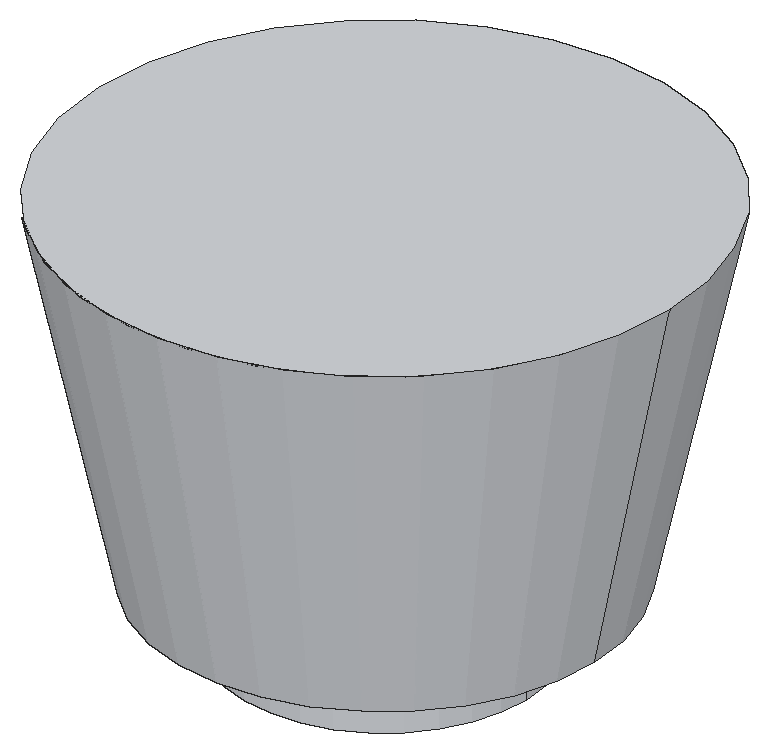
Revit family "665ed99743594d9bba5947730cb7429c", category Air Terminals, host Face, Revit 2021
Family settings
  Host = Face
  Round Connector Dimension = Use Radius
  Part Type = Normal
  OmniClass Number = 23.75.70.21.27.11
  OmniClass Title = Diffusers, Registers, and Grilles
  Seek Item ID = Supply Diffuser - Circular - Round Neck - Ceiling Mounted-0000-USA-ENU
  Cut with Voids When Loaded = No
  Shared = No
  Room Calculation Point = No
Parameters (values of type "10" Face 5" Neck")
  Pressure Drop [instance] = 0.0321 in-wg
  Louver Number = 5
  Height 2 = 0' - 1"
  Height 1 = 0' - 6"
  Flow [instance] = 212 CFM
  Duct Diameter = Duct Radius * 2  # 5"
  Diffuser Radius Offset 4 = 4 * (Diffuser Radius 1 / 5)  # 0' - 4"
  Diffuser Radius Offset 3 = 3 * (Diffuser Radius 1 / 5)  # 0' - 3"
  Diffuser Radius Offset 2 = 2 * (Diffuser Radius 1 / 5)  # 0' - 2"
  Diffuser Radius Offset 1 = Diffuser Radius 1 / 5  # 0' - 1"
  Diffuser Radius 2 = Diffuser Diameter 2 / 2  # 0' - 3 11/16"
  Diffuser Radius 1 = Diffuser Diameter 1 / 2  # 0' - 5"
  Duct Radius = 2 1/2"
  Diffuser Material = none
  Diffuser Diameter 2 = 0' - 7 3/8"
  Diffuser Diameter 1 = 0' - 10"
  Default Elevation = 4' - 0"
Types (3): name | Pressure Drop | Flow | Duct Diameter | Duct Radius
  (no name) | 0.0321 in-wg | 212 CFM | 5" | 2 1/2"
  10" Face 5" Neck | 0.0321 in-wg | 212 CFM | 5" | 2 1/2"
  10" Face 6" Neck | 0.0522 in-wg | 265 CFM | 6" | 3"
Reference planes (in)
  plane 1 "Center (Front/Back)": y = 0
  plane 2: z = 0
  plane 3 "Center (Left/Right)": x = 0
  plane 4: z = -6
  plane 5: z = -7
Forms (in)
  Extrusion 1, solid, material <- "Diffuser Material"
    sketch origin (0, 0, 0) x (1, 0, 0) y (0, 1, 0)
      loop
        circle (0, 0) r 2.5
    from -7 to -6
  Blend 2, solid, material <- "Diffuser Material"
    base sketch origin (0, 0, 0) x (1, 0, 0) y (0, 1, 0)
      loop
        circle (0, 0) r 5
    top sketch origin (0, 0, 0) x (1, 0, 0) y (0, 1, 0)
      loop
        circle (0, 0) r 3.6875
    from 0 to -6
Lines and regions (in)
  model lines
    curve 1: circle (0, 0, 0) r 1 normal (0, 0, 1)
    curve 2: circle (0, 0, 0) r 2 normal (0, 0, 1)
    curve 3: circle (0, 0, 0) r 3 normal (0, 0, 1)
    curve 4: circle (0, 0, 0) r 4 normal (0, 0, 1)
  symbolic lines
    curve 5: circle (0, 0, 0) r 5 normal (0, 0, 1)
Dimensions and locks (in)
  "Height 1": plane 2 to plane 4
  "Height 2": plane 4 to plane 5
  radius of Extrusion 1 sketch curve = 0' - 2 1/2"
  "Diffuser Radius 1": radius of Blend 2 sketch curve
  "Diffuser Radius 2": radius of Blend 2 sketch curve
  "Diffuser Radius Offset 1": radius of curve 1
  "Diffuser Radius Offset 2": radius of curve 2
  "Diffuser Radius Offset 3": radius of curve 3
  "Diffuser Radius Offset 4": radius of curve 4
  "Diffuser Radius 1": radius of curve 5
  aligned and locked: plane 2 to host face
  aligned and locked: level to host face
  aligned and locked: plane 1 "Center (Front/Back)" to Extrusion 1 sketch curve
  aligned and locked: plane 3 "Center (Left/Right)" to Extrusion 1 sketch curve
  aligned and locked: plane 3 "Center (Left/Right)" to Blend 2 sketch curve  (x2)
  aligned and locked: plane 1 "Center (Front/Back)" to Blend 2 sketch curve  (x2)
  aligned and locked: Extrusion 1 to plane 5
  aligned and locked: plane 4 to Extrusion 1
  aligned and locked: Blend 2 to level
  aligned and locked: Blend 2 to plane 4
  aligned and locked: plane 1 "Center (Front/Back)" to curve 5
  aligned and locked: plane 3 "Center (Left/Right)" to curve 5
Automatic sketch dimensions
  curve 1 to curve 2 = 0' - 0"  (x2)
  curve 1 to curve 3 = 0' - 0"  (x2)
  curve 1 to curve 4 = 0' - 0"  (x2)
  curve 1 to curve 5 = 0' - 0"  (x2)
  host sketch curve to host sketch curve = 8' - 0"  (x2)
Connectors (in)
  hvac at (0, 0, -7), driven by "Pressure Drop", driven by "Flow", driven by "Duct Radius"
    settings: on Extrusion 1, index 1, duct flow 212 CFM, flow factor 0, pres drop 0.0321 in-wg, loss coef 0, conn angle 0.00°, conn width 12", conn height 12", conn diameter 5", duct sys type 1, conn prof type 0, flow config 1, flow direction 1, loss method 4, conn ref index -1, conn util no, is conn primary yes, conn desc ""
